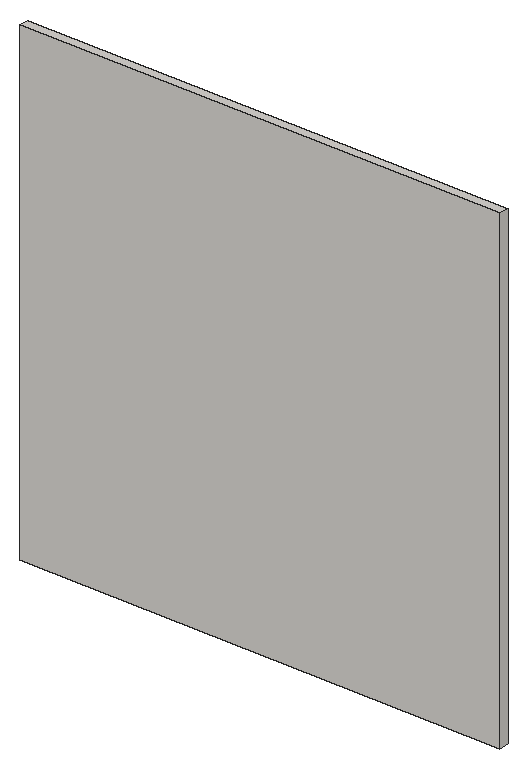
Revit family "PISO PARED HEXAGONO ATLANTIS ARENA CD_265041061", category Modelos genéricos, Revit 2024
Family settings
  Puede alojar armadura = No
  Cota de conector redondo = Usar diámetro
  Tipo de pieza = Normal
  Se basa en plano de trabajo = No
  Siempre vertical = Sí
  Corte con vacíos al cargar = No
  Mantener orientación de anotación = No
  Compartido = No
  Punto de cálculo de habitación = No
Parameters
  Elevación por defecto = 0 mm
Reference planes
  plane 1 "Center (Front/Back)": y = 0
  plane 2: z = 0
  plane 3 "Center (Left/Right)": x = 0
Forms (mm)
  Extrusion 1, solid, material "Analytical Panels"
    sketch origin (0, 0, 0) x (1, 0, 0) y (0, 1, 0)
      loop
        line (-1366.384, -136.448) -> (-1366.384, -194.576) -> (1633.616, -194.576) -> (1633.616, -136.448) -> (-1366.384, -136.448)
    from 0 to 3000
Dimensions and locks
  Extrusion 1 sketch curve to Extrusion 1 sketch curve = 58.128 mm
  Extrusion 1 to Extrusion 1 = 3000 mm  (x2)
  aligned and locked: level to plane 2
